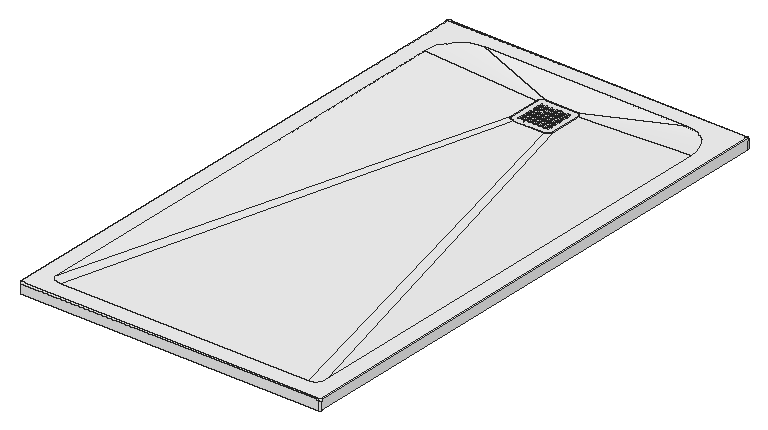
Revit family "IS_UltraFlatS_K8277_BIM_DE", category Plumbing Fixtures, host Face, Revit 2016
Family settings
  Host = Face
  Part Type = Normal
  Round Connector Dimension = Use Diameter
  OmniClass Number = 23.45.05.14.21.11
  OmniClass Title = Bath/Shower Units
  Cut with Voids When Loaded = No
  Shared = No
  Room Calculation Point = No
Parameters (values of type "K8277FR - ULTRAFLAT S PD 160X90 BIANCO")
  WarrantyStartDate = "n/a"
  WarrantyGuarantorParts = "n/a"
  WarrantyGuarantorLabor = "n/a"
  WarrantyDurationUnit = "n/a"
  WarrantyDurationParts = "n/a"
  WarrantyDurationLabor = "n/a"
  WarrantyDescription = "n/a"
  WFU = 0
  VolumeUnits = "Litres"
  Version = "1"
  Uniclass2015Version = "Products v1.1"
  Uniclass2015Title = "Shower trays"
  Uniclass2015Code = "Pr_40_20_06_84"
  URL = "www.idealstandard.de"
  Type Comments = "n/a"
  TagNumber = "n/a"
  SustainabilityPerformance = "n/a"
  Space = "Internal"
  Size = "900 x 1600 x 30 mm"
  Shape = "Rectangular"
  SerialNumber = "n/a"
  ReplacementCost = "n/a"
  ProductInformation = "www.idealstandard.de"
  PredefinedType = "n/a"
  Phone = "+49228 5210"
  NominalWidth = 900 mm
  NominalLength = 1600 mm
  NominalHeight = 30 mm
  NominalDepth = 0 mm
  Name = "ISI_IdealStandard_Showers_Ultra Flat S_K8277FR"
  ModelReference = "IS Rechteck-Brausewanne ULTRA FLAT S, 1600x900x30mm, Carraraweiß"
  ModelNumber = "K8277FR"
  Model = "K8277FR"
  Material = "Sanitary Brass"
  ManufacturerURL = "www.idealstandard.de"
  Manufacturer = "idealstandard.de@idealstandard.com"
  MainMaterial = IS_RenderMaterial_White
  LinearUnits = "millimeters"
  Keynote = ""
  InstallationInstructions = "www.idealstandard.de\\produkte"
  InstallationDate = "1900-12-31T23:59:59"
  Help = "idealstandard.de@idealstandard.com"
  HWFU = 0
  GrossWeight = "51,6 kg"
  Grade = "n/a"
  Finish = "Pure White"
  Features = "ULTRA FLAT S rectangular shower tray 1600x900mm"
  ExpectedLife = "25"
  DurationUnit = "year"
  DistributedBy = "n/a"
  Description = "Ultraflat S Pd 160 x 90 Bianco"
  Default Elevation = 0 mm
  CurrencyUnit = "€"
  CreatedOn = "42774"
  Cost = 0
  Constituents = "n/a"
  ConnectionType = "Plumbing"
  Color = "Pure White"
  CodePerformance = "0"
  CWFU = 0
  Brand = "Ideal Standard"
  BarCode = "4015413067751"
  BIMObjectName = "ISI_IdealStandard_Showers_Ultra Flat S_K8277FR"
  Author = "Ideal Standard"
  AssetType = "Fixed"
  AssetIdentifier = "n/a"
  Assembly Code = "C1030200"
  AreaUnits = "millimeters"
  AreaMeasurement = "n/a"
  Accessories = "www.idealstandard.de\\ersatzteile"
  AccessibilityPerformance = "n/a"
Types (5, lengths in mm): name | Name | ModelReference | ModelNumber | Model | MainMaterial | Finish | Description | Color | BarCode | BIMObjectName
  K8277FR - ULTRAFLAT S PD 160X90 BIANCO | "ISI_IdealStandard_Showers_Ultra Flat S_K8277FR" | "IS Rechteck-Brausewanne ULTRA FLAT S, 1600x900x30mm, Carraraweiß" | "K8277FR" | "K8277FR" | IS_RenderMaterial_White | "Pure White" | "Ultraflat S Pd 160 x 90 Bianco" | "Pure White" | "4015413067751" | "ISI_IdealStandard_Showers_Ultra Flat S_K8277FR"
  K8277FS - ULTRAFLAT S PD 160X90 GRIGIO CEMENTO | "ISI_IdealStandard_Showers_Ultra Flat S_K8277FS" | "IS Rechteck-Brausewanne ULTRA FLAT S, 1600x900x30mm, Quarzgrau" | "K8277FS" | "K8277FS" | IS_RenderMaterial_Grey | "Concrete Grey" | "Ultraflat S Pd 160 x 90 Grigio Cemento" | "Concrete Grey" | "4015413070720" | "ISI_IdealStandard_Showers_Ultra Flat S_K8277FS"
  K8277FT - ULTRAFLAT S PD 160X90 SABBIA | "ISI_IdealStandard_Showers_Ultra Flat S_K8277FT" | "IS Rechteck-Brausewanne ULTRA FLAT S, 1600x900x30mm, Sandstein" | "K8277FT" | "K8277FT" | IS_RenderMaterial_Sand | "Beach Sand" | "Ultraflat S Pd 160 x 90 Sabbia" | "Beach Sand" | "4015413071130" | "ISI_IdealStandard_Showers_Ultra Flat S_K8277FT"
  K8277FV - ULTRAFLAT S PD 160X90 NERO | "ISI_IdealStandard_Showers_Ultra Flat S_K8277FV" | "IS Rechteck-Brausewanne ULTRA FLAT S, 1600x900x30mm, Schiefer" | "K8277FV" | "K8277FV" | IS_RenderMaterial_Black | "Jet Black" | "Ultraflat S Pd 160 x 90 Nero" | "Jet Black" | "4015413071871" | "ISI_IdealStandard_Showers_Ultra Flat S_K8277FV"
  K8277FU - ULTRAFLAT S PD 160X90 MOKA | "ISI_IdealStandard_Showers_Ultra Flat S_K8277FU" | "IS Rechteck-Brausewanne ULTRA FLAT S, 1600x900x30mm, Lavabraun" | "K8277FU" | "K8277FU" | IS_RenderMaterial_Moka | "Deep Moka" | "Ultraflat S Pd 160 x 90 Moka" | "Deep Moka" | "4015413071529" | "ISI_IdealStandard_Showers_Ultra Flat S_K8277FU"
Reference planes
  plane 1 "Center (Front/Back)": y = 0
  plane 2: z = 0
  plane 3 "Center (Left/Right)": x = 0
  plane 4: x = -450
  plane 5: x = -400
  plane 6: x = 450
  plane 7: x = 400
  plane 8: y = -1600
  plane 9: z = 30
Forms (mm)
  Extrusion 1, solid, material "IS_RenderMaterial_White" <- "MainMaterial"
    sketch origin (0, 0, 0) x (1, 0, 0) y (0, 1, 0)
      loop
        arc (-445, 0) -> (-448.536, -1.464) -> (-450, -5) r 5
        line (-450, -5) -> (-450, -1595)
        arc (-450, -1595) -> (-448.536, -1598.536) -> (-445, -1600) r 5
        line (-445, -1600) -> (445, -1600)
        arc (445, -1600) -> (448.536, -1598.536) -> (450, -1595) r 5
        line (450, -1595) -> (450, -5)
        arc (450, -5) -> (448.536, -1.464) -> (445, 0) r 5
        line (445, 0) -> (-445, 0)
    from 0 to 30
  Blend 2, void
    base sketch origin (0, 39.744, 30) x (-1, 0, 0) y (0, -1, 0)
      loop
        arc (300, 89.744) -> (370.711, 119.033) -> (400, 189.744) r 100
        line (400, 189.744) -> (400, 1559.744)
        arc (400, 1559.744) -> (391.213, 1580.957) -> (370, 1589.744) r 30
        line (370, 1589.744) -> (-370, 1589.744)
        arc (-370, 1589.744) -> (-391.213, 1580.957) -> (-400, 1559.744) r 30
        line (-400, 1559.744) -> (-400, 189.744)
        arc (-400, 189.744) -> (-370.711, 119.033) -> (-300, 89.744) r 100
        line (-300, 89.744) -> (300, 89.744)
    top sketch origin (0, 39.744, 30) x (-1, 0, 0) y (0, -1, 0)
      loop
        arc (47.5, 177.244) -> (58.107, 181.637) -> (62.5, 192.244) r 15
        line (62.5, 192.244) -> (62.5, 287.244)
        arc (62.5, 287.244) -> (58.107, 297.85) -> (47.5, 302.244) r 15
        line (47.5, 302.244) -> (-47.5, 302.244)
        arc (-47.5, 302.244) -> (-58.107, 297.85) -> (-62.5, 287.244) r 15
        line (-62.5, 287.244) -> (-62.5, 192.244)
        arc (-62.5, 192.244) -> (-58.107, 181.637) -> (-47.5, 177.244) r 15
        line (-47.5, 177.244) -> (47.5, 177.244)
    from 0 to -15
  Revolve 3, void
    sketch origin (-65.411, -200, 1219.2) x (-1, 0, 0) y (0, 0, 1)
      loop
        line (-65.411, -1219.2) -> (-20.411, -1219.2) -> (-20.411, -1214.2) -> (-13.411, -1207.2) -> (-65.411, -1207.2) -> (-65.411, -1219.2)
      axis (-65.411, -1219.2) -> (-65.411, -1207.2)
    angle from 0 to 360
  Extrusion 4, void
    sketch origin (0, -134.515, 12) x (-1, 0, 0) y (0, 1, 0)
      loop
        arc (-47.5, -2.985) -> (-58.107, -7.379) -> (-62.5, -17.985) r 15
        line (-62.5, -17.985) -> (-62.5, -112.985)
        arc (-62.5, -112.985) -> (-58.107, -123.592) -> (-47.5, -127.985) r 15
        line (-47.5, -127.985) -> (47.5, -127.985)
        arc (47.5, -127.985) -> (58.107, -123.592) -> (62.5, -112.985) r 15
        line (62.5, -112.985) -> (62.5, -17.985)
        arc (62.5, -17.985) -> (58.107, -7.379) -> (47.5, -2.985) r 15
        line (47.5, -2.985) -> (-47.5, -2.985)
    from 0 to -3
  Extrusion 5, solid, material "Chrome - Polished"
    sketch origin (0, -134.515, 12) x (0, 1, 0) y (-1, 0, 0)
      loop
        arc (-4.985, 46.539) -> (-9.074, 56.411) -> (-18.946, 60.5) r 13.961
        line (-18.946, 60.5) -> (-111.985, 60.5)
        arc (-111.985, 60.5) -> (-121.885, 56.399) -> (-125.985, 46.5) r 14
        line (-125.985, 46.5) -> (-125.985, -46.5)
        arc (-125.985, -46.5) -> (-121.885, -56.399) -> (-111.985, -60.5) r 14
        line (-111.985, -60.5) -> (-18.985, -60.5)
        arc (-18.985, -60.5) -> (-9.086, -56.399) -> (-4.985, -46.5) r 14
        line (-4.985, -46.5) -> (-4.985, 46.539)
      loop
        line (-64.007, 45) -> (-64.007, 32) -> (-52.007, 32) -> (-52.007, 45) -> (-64.007, 45)
      loop
        line (-49.007, 45) -> (-49.007, 32) -> (-37.007, 32) -> (-37.007, 45) -> (-49.007, 45)
      loop
        line (-34.007, 45) -> (-34.007, 32) -> (-22.007, 32) -> (-22.007, 45) -> (-34.007, 45)
      loop
        line (-34.007, 29) -> (-34.007, 16) -> (-22.007, 16) -> (-22.007, 29) -> (-34.007, 29)
      loop
        line (-34.007, 13) -> (-34.007, 1.526) -> (-22.007, 1.526) -> (-22.007, 13) -> (-34.007, 13)
      loop
        line (-37.007, 29) -> (-49.007, 29) -> (-49.007, 16) -> (-37.007, 16) -> (-37.007, 29)
      loop
        line (-37.007, 13) -> (-49.007, 13) -> (-49.007, 1.526) -> (-37.007, 1.526) -> (-37.007, 13)
      loop
        line (-52.007, 29) -> (-64.007, 29) -> (-64.007, 16) -> (-52.007, 16) -> (-52.007, 29)
      loop
        line (-52.007, 13) -> (-64.007, 13) -> (-64.007, 1.526) -> (-52.007, 1.526) -> (-52.007, 13)
      loop
        line (-64.007, -45) -> (-52.007, -45) -> (-52.007, -32) -> (-64.007, -32) -> (-64.007, -45)
      loop
        line (-49.007, -45) -> (-37.007, -45) -> (-37.007, -32) -> (-49.007, -32) -> (-49.007, -45)
      loop
        line (-34.007, -45) -> (-22.007, -45) -> (-22.007, -32) -> (-34.007, -32) -> (-34.007, -45)
      loop
        line (-34.007, -29) -> (-22.007, -29) -> (-22.007, -16) -> (-34.007, -16) -> (-34.007, -29)
      loop
        line (-34.007, -13) -> (-22.007, -13) -> (-22.007, -1.526) -> (-34.007, -1.526) -> (-34.007, -13)
      loop
        line (-37.007, -29) -> (-37.007, -16) -> (-49.007, -16) -> (-49.007, -29) -> (-37.007, -29)
      loop
        line (-37.007, -13) -> (-37.007, -1.526) -> (-49.007, -1.526) -> (-49.007, -13) -> (-37.007, -13)
      loop
        line (-52.007, -29) -> (-52.007, -16) -> (-64.007, -16) -> (-64.007, -29) -> (-52.007, -29)
      loop
        line (-52.007, -13) -> (-52.007, -1.526) -> (-64.007, -1.526) -> (-64.007, -13) -> (-52.007, -13)
      loop
        line (-66.963, 45) -> (-78.963, 45) -> (-78.963, 32) -> (-66.963, 32) -> (-66.963, 45)
      loop
        line (-81.963, 45) -> (-93.963, 45) -> (-93.963, 32) -> (-81.963, 32) -> (-81.963, 45)
      loop
        line (-96.963, 45) -> (-108.963, 45) -> (-108.963, 32) -> (-96.963, 32) -> (-96.963, 45)
      loop
        line (-96.963, 29) -> (-108.963, 29) -> (-108.963, 16) -> (-96.963, 16) -> (-96.963, 29)
      loop
        line (-96.963, 13) -> (-108.963, 13) -> (-108.963, 1.526) -> (-96.963, 1.526) -> (-96.963, 13)
      loop
        line (-93.963, 29) -> (-93.963, 16) -> (-81.963, 16) -> (-81.963, 29) -> (-93.963, 29)
      loop
        line (-93.963, 13) -> (-93.963, 1.526) -> (-81.963, 1.526) -> (-81.963, 13) -> (-93.963, 13)
      loop
        line (-78.963, 29) -> (-78.963, 16) -> (-66.963, 16) -> (-66.963, 29) -> (-78.963, 29)
      loop
        line (-78.963, 13) -> (-78.963, 1.526) -> (-66.963, 1.526) -> (-66.963, 13) -> (-78.963, 13)
      loop
        line (-66.963, -45) -> (-66.963, -32) -> (-78.963, -32) -> (-78.963, -45) -> (-66.963, -45)
      loop
        line (-81.963, -45) -> (-81.963, -32) -> (-93.963, -32) -> (-93.963, -45) -> (-81.963, -45)
      loop
        line (-96.963, -45) -> (-96.963, -32) -> (-108.963, -32) -> (-108.963, -45) -> (-96.963, -45)
      loop
        line (-96.963, -29) -> (-96.963, -16) -> (-108.963, -16) -> (-108.963, -29) -> (-96.963, -29)
      loop
        line (-96.963, -13) -> (-96.963, -1.526) -> (-108.963, -1.526) -> (-108.963, -13) -> (-96.963, -13)
      loop
        line (-93.963, -29) -> (-81.963, -29) -> (-81.963, -16) -> (-93.963, -16) -> (-93.963, -29)
      loop
        line (-93.963, -13) -> (-81.963, -13) -> (-81.963, -1.526) -> (-93.963, -1.526) -> (-93.963, -13)
      loop
        line (-78.963, -29) -> (-66.963, -29) -> (-66.963, -16) -> (-78.963, -16) -> (-78.963, -29)
      loop
        line (-78.963, -13) -> (-66.963, -13) -> (-66.963, -1.526) -> (-78.963, -1.526) -> (-78.963, -13)
    from 0 to 3
  Sweep 6, void
    path in 3D
      loop
        arc (450, -5, 30) -> (448.536, -1.464, 30) -> (445, 0, 30) r 5
        line (445, 0, 30) -> (-445, 0, 30)
        arc (-445, 0, 30) -> (-448.536, -1.464, 30) -> (-450, -5, 30) r 5
        line (-450, -5, 30) -> (-450, -1595, 30)
        arc (-450, -1595, 30) -> (-448.536, -1598.536, 30) -> (-445, -1600, 30) r 5
        line (-445, -1600, 30) -> (445, -1600, 30)
        arc (445, -1600, 30) -> (448.536, -1598.536, 30) -> (450, -1595, 30) r 5
        line (450, -1595, 30) -> (450, -5, 30)
    profile origin (450, -800, 30) x (-1, 0, 0) y (0, 0, 1)
      loop
        line (0, 0) -> (0, -3)
        arc (0, -3) -> (0.879, -0.879) -> (3, 0) r 3
        line (3, 0) -> (0, 0)
Cuts and joins
  Blend 2, Revolve 3, Extrusion 4, Sweep 6 cuts Extrusion 1
  Blend 2 cuts Extrusion 5
Lines and regions (mm)
  sketch lines
    curve 1: line (450, -1595, 30) -> (450, -5, 30)
    curve 2: arc (450, -1595, 30) -> (448.536, -1598.536, 30) -> (445, -1600, 30) r 5
    curve 3: line (-445, -1600, 30) -> (445, -1600, 30)
    curve 4: arc (445, 0, 30) -> (448.536, -1.464, 30) -> (450, -5, 30) r 5
    curve 5: line (445, 0, 30) -> (-445, 0, 30)
    curve 6: arc (-450, -5, 30) -> (-448.536, -1.464, 30) -> (-445, 0, 30) r 5
    curve 7: line (-450, -5, 30) -> (-450, -1595, 30)
    curve 8: arc (-445, -1600, 30) -> (-448.536, -1598.536, 30) -> (-450, -1595, 30) r 5
Dimensions and locks
  "NominalWidth": plane 4 to plane 6
  "NominalLength": plane 8 to plane 1 "Center (Front/Back)"
  "NominalHeight": level to plane 9
  aligned and locked: plane 2 to host face
  aligned and locked: level to host face
Automatic sketch dimensions
  host sketch curve to host sketch curve = 2438.4 mm
  host sketch curve to host sketch curve = 2376.909 mm
  Extrusion 1 sketch curve to plane 4 = 0 mm
  plane 8 to Extrusion 1 sketch curve = 0 mm
  plane 1 "Center (Front/Back)" to Extrusion 1 sketch curve = 0 mm
  Extrusion 1 sketch curve to plane 6 = 0 mm
  Extrusion 1 sketch curve to plane 4 = 5 mm
  plane 1 "Center (Front/Back)" to Extrusion 1 sketch curve = 5 mm
  Extrusion 1 sketch curve to plane 6 = 5 mm  (x2)
  Blend 2 sketch curve to plane 7 = 0 mm
  Blend 2 sketch curve to plane 5 = 0 mm
  Blend 2 sketch curve to Blend 2 sketch curve = 30 mm  (x2)
  Blend 2 sketch curve to Blend 2 sketch curve = 100 mm  (x2)
  plane 1 "Center (Front/Back)" to Blend 2 sketch curve = 50 mm
  Blend 2 sketch curve to plane 8 = 80 mm
  plane 3 "Center (Left/Right)" to Blend 2 sketch curve = 62.5 mm
  Blend 2 sketch curve to Blend 2 sketch curve = 15 mm  (x3)
  Blend 2 sketch curve to plane 3 "Center (Left/Right)" = 47.5 mm  (x2)
  plane 1 "Center (Front/Back)" to Blend 2 sketch curve = 137.5 mm
  Blend 2 sketch curve to Blend 2 sketch curve = 95 mm
  Revolve 3 sketch curve to level = 0 mm
  Revolve 3 sketch curve to plane 3 "Center (Left/Right)" = 0 mm  (x2)
  level to Revolve 3 sketch curve = 5 mm
  Revolve 3 sketch curve to plane 3 "Center (Left/Right)" = 45 mm
  Revolve 3 sketch curve to Revolve 3 sketch curve = 7 mm
  Revolve 3 sketch curve to Revolve 3 sketch curve = 12 mm
  Revolve 3 sketch curve to level = 10 mm
  plane 9 to Revolve 3 sketch curve = 7.813 mm
  plane 3 "Center (Left/Right)" to Extrusion 4 sketch curve = 62.5 mm
  Extrusion 4 sketch curve to Extrusion 4 sketch curve = 15 mm  (x3)
  Extrusion 4 sketch curve to plane 3 "Center (Left/Right)" = 47.5 mm  (x2)
  plane 1 "Center (Front/Back)" to Extrusion 4 sketch curve = 137.5 mm
  Extrusion 4 sketch curve to Extrusion 4 sketch curve = 95 mm
  plane 3 "Center (Left/Right)" to Extrusion 5 sketch curve = 46.5 mm
  plane 1 "Center (Front/Back)" to Extrusion 5 sketch curve = 260.5 mm
  Extrusion 5 sketch curve to Extrusion 5 sketch curve = 14 mm  (x3)
  Extrusion 5 sketch curve to Extrusion 5 sketch curve = 3.022 mm  (x3)
  Extrusion 5 sketch curve to Extrusion 5 sketch curve = 0 mm  (x55)
  plane 3 "Center (Left/Right)" to Extrusion 5 sketch curve = 1.526 mm  (x6)
  Extrusion 5 sketch curve to Extrusion 5 sketch curve = 12 mm  (x18)
  Extrusion 5 sketch curve to Extrusion 5 sketch curve = 3 mm  (x38)
  Extrusion 5 sketch curve to Extrusion 5 sketch curve = 2.956 mm  (x6)
  Extrusion 5 sketch curve to Extrusion 5 sketch curve = 3.061 mm
  Extrusion 5 sketch curve to Extrusion 5 sketch curve = 1.5 mm  (x3)
  Extrusion 5 sketch curve to Extrusion 5 sketch curve = 13 mm  (x9)
  Extrusion 5 sketch curve to plane 3 "Center (Left/Right)" = 1.526 mm  (x6)
  Extrusion 5 sketch curve to Extrusion 5 sketch curve = 11.474 mm  (x2)
  Sweep 6 sketch curve to profile plane = 0 mm  (x2)
  Sweep 6 sketch curve to profile plane = 3 mm
Connectors
  piping at (0, -200, 0), diameter 90
    settings: on cut or joined group of Extrusion 1, Blend 2, Revolve 3, Extrusion 4, Sweep 6, index 1, connector inside diameter 609.6 mm, connector length 0 mm, flow factor 0, pipe flow 0.0 L/s, pressure drop 0.0 Pa, fitting loss kfactor 0, connector angle 0.00°, fixture units 0, engagement length 0 mm, angle of deflection 0.00°, flow configuration 2, flow direction 2, fitting loss method 0, system type 16, joint type 0, gender type 0, connector reference index -1, connector utility 0, adjustable connector no, is connector primary yes, connector description ""
